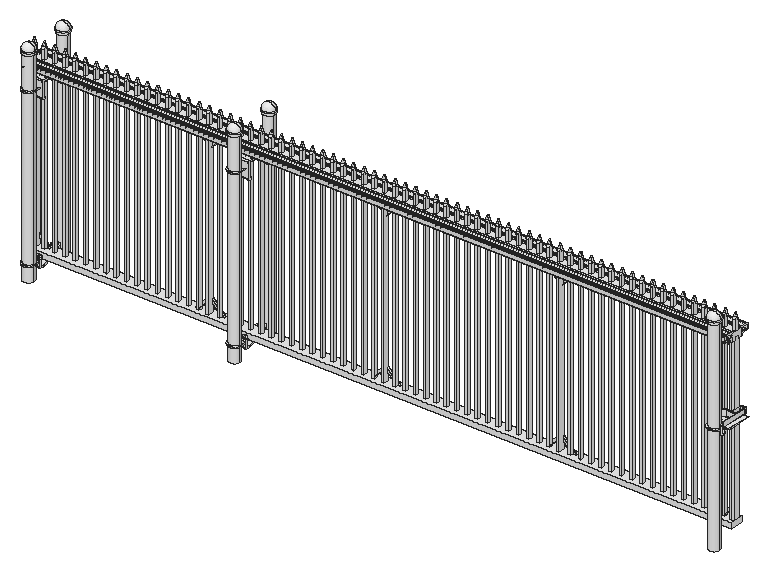
Revit family "Site-Fencing-Tymetal_Corp-Structural_Cantilever_Slide_Gate-Ornamental", category Site, Revit 2015 (continued)
Definition of nested family "Fence - Hanger with Track"
  Definition of nested family "Fence - Post Bracket"
    Automatic sketch dimensions
      Sweep 1 sketch curve to plane 3 "Center (Left/Right)" = 0' - 2 1/2"
      radius of Sweep 1 sketch curve = 0' - 0 1/4"
  Definition of nested family "Fence - Hanger Plate"
    Parameters
      Hanger Material = none
    Reference planes (in)
      plane 1 "Center (Front/Back)": y = 0
      plane 2: z = 0
      plane 3 "Center (Left/Right)": x = 0
      plane 4: y = 2
      plane 5: x = -3.3125
      plane 6: y = 3.9375
      plane 7: x = 3.3125
    Forms (in)
      Extrusion 1, solid, material <- "Hanger Material"
        sketch origin (0, 0, 0) x (0, 1, 0) y (0, 0, 1)
          loop
            arc (1.91542, 3.25406) -> (1.62242, 3.13269) -> (1.50105, 2.83969) r 0.41437
            line (1.50105, 2.83969) -> (1.50105, -2.83157)
            arc (1.50105, -2.83157) -> (1.62242, -3.12457) -> (1.91542, -3.24594) r 0.41437
            line (1.91542, -3.24594) -> (2.2293, -3.24594) -> (2.2293, -2.87094) -> (1.91542, -2.87094)
            arc (1.91542, -2.87094) -> (1.88758, -2.85941) -> (1.87605, -2.83157) r 0.03937
            line (1.87605, -2.83157) -> (1.87605, 2.83969)
            arc (1.87605, 2.83969) -> (1.88758, 2.86753) -> (1.91542, 2.87906) r 0.03937
            line (1.91542, 2.87906) -> (3.37705, 2.87906) -> (3.37705, 3.25406) -> (1.91542, 3.25406)
        from -4 to 4
      Extrusion 2, void
        sketch origin (0, 0, 0) x (1, 0, 0) y (0, 1, 0)
          loop
            line (-1.3125, 1.25105) -> (1.3125, 1.25105) -> (1.3125, 1.75)
            arc (1.3125, 1.75) -> (1.23928, 1.92678) -> (1.0625, 2) r 0.25
            line (1.0625, 2) -> (-1.0625, 2)
            arc (-1.0625, 2) -> (-1.23928, 1.92678) -> (-1.3125, 1.75) r 0.25
            line (-1.3125, 1.75) -> (-1.3125, 1.25105)
        from -3.24594 to 3.25406
      Extrusion 3, solid, material <- "Hanger Material"
        sketch origin (0, 0, 0) x (1, 0, 0) y (0, 1, 0)
          loop
            line (4, 3.37705) -> (4, 3.9375)
            arc (4, 3.9375) -> (3.79864, 4.42364) -> (3.3125, 4.625) r 0.6875
            line (3.3125, 4.625) -> (-3.3125, 4.625)
            arc (-3.3125, 4.625) -> (-3.79864, 4.42364) -> (-4, 3.9375) r 0.6875
            line (-4, 3.9375) -> (-4, 3.37705) -> (4, 3.37705)
        from 2.87906 to 3.25406
      Extrusion 4, solid, material <- "Hanger Material"
        sketch origin (0, 0, 0) x (1, 0, 0) y (0, 1, 0)
          loop
            arc (-3.5, 2.875) -> (-3.85355, 2.72855) -> (-4, 2.375) r 0.5
            line (-4, 2.375) -> (-4, 2.2293) -> (4, 2.2293) -> (4, 2.375)
            arc (4, 2.375) -> (3.85355, 2.72855) -> (3.5, 2.875) r 0.5
            line (3.5, 2.875) -> (-3.5, 2.875)
        from -3.24594 to -2.87094
      Sweep 5, solid, material <- "Hanger Material", detail levels fine
        path origin (-2.63501, 0.79388, 1.47707) x (0.464166, 0.563047, -0.683761) y (0.368983, 0.578872, 0.727158)
          loop
            line (2.15529, 0.14711) -> (2.15529, 3.82378)
        profile origin (-0.902, 3.15673, 1.44709) x (-0.464166, -0.563047, 0.683761) y (0.805234, -0.589818, 0.060938)
          loop
            circle (0, 0) r 0.25
      Sweep 6, solid, material <- "Hanger Material", detail levels fine
        path origin (2.63501, 0.79388, 1.47707) x (-0.464166, 0.563047, -0.683761) y (0.368983, -0.578872, -0.727158)
          loop
            line (2.15529, -0.14711) -> (2.15529, -3.82378)
        profile origin (0.902, 3.15673, 1.44709) x (-0.464166, 0.563047, -0.683761) y (-0.805234, -0.589818, 0.060938)
          loop
            circle (0, 0) r 0.25
    Cuts and joins
      Extrusion 2 cuts Extrusion 1
      joined: Extrusion 1, Extrusion 3, Extrusion 4
    Lines and regions (in)
      Masking region 1, detail levels coarse
        outline origin (0, 0, 0) x (1, 0, 0) y (0, 1, 0)
          loop
            line (-4, 4.625) -> (-4, 1.50105) -> (-1.3125, 1.50105) -> (-1.3125, 2) -> (1.3125, 2) -> (1.3125, 1.50105) -> (4, 1.50105) -> (4, 4.625) -> (-4, 4.625)
      Masking region 2, detail levels medium+fine
        outline origin (0, 0, 0) x (1, 0, 0) y (0, 1, 0)
          loop
            line (-4, 3.9375) -> (-4, 1.50105) -> (-1.3125, 1.50105) -> (-1.3125, 1.75)
            arc (-1.3125, 1.75) -> (-1.23928, 1.92678) -> (-1.0625, 2) r 0.25
            line (-1.0625, 2) -> (1.0625, 2)
            arc (1.0625, 2) -> (1.23928, 1.92678) -> (1.3125, 1.75) r 0.25
            line (1.3125, 1.75) -> (1.3125, 1.50105) -> (4, 1.50105) -> (4, 3.9375)
            arc (4, 3.9375) -> (3.79864, 4.42364) -> (3.3125, 4.625) r 0.6875
            line (3.3125, 4.625) -> (-3.3125, 4.625)
            arc (-3.3125, 4.625) -> (-3.79864, 4.42364) -> (-4, 3.9375) r 0.6875
    Dimensions and locks (in)
      locked: cut or joined group of Extrusion 1, Extrusion 2, Extrusion 3, Extrusion 4 to cut or joined group of Extrusion 1, Extrusion 2, Extrusion 3, Extrusion 4 at 8
      aligned and locked: cut or joined group of Extrusion 1, Extrusion 2, Extrusion 3, Extrusion 4 to cut or joined group of Extrusion 1, Extrusion 2, Extrusion 3, Extrusion 4  (x2)
      aligned and locked: Masking region 2 to cut or joined group of Extrusion 1, Extrusion 2, Extrusion 3, Extrusion 4
  Definition of nested family "Fence - Track Roller"
    Parameters
      Track Roller Material = none
      Track Height = 0' - 4"
    Reference planes (in)
      plane 1 "Center (Front/Back)": y = 0
      plane 2: z = 0
      plane 3 "Center (Left/Right)": x = 0
      plane 4: x = -4.42187
      plane 5: x = 4.42188
      plane 6: z = 2.5
      plane 7: y = 0.40625
      plane 8: y = -0.40625
      plane 9: z = 4
      plane 10: z = 2.375
      plane 11: y = 1.09674
      plane 12: y = -1.09674
      plane 13: y = 0.59674
      plane 14: y = -0.59674
      plane 15: z = 3.1875
      plane 16: x = -1.4375
      plane 17: x = 1.42187
      plane 18: z = -0.75
      plane 19: z = -0.1875
      plane 20: z = 0.1875
    Forms (in)
      Extrusion 1, solid, material <- "Track Roller Material"
        sketch origin (0, 0, 0) x (1, 0, 0) y (0, 0, 1)
          loop
            line (-3.73437, 2.5) -> (3.73438, 2.5) -> (3.73438, 2.75) -> (-3.73437, 2.75) -> (-3.73437, 2.5)
        from -0.40625 to 0.40625
      Extrusion 2, solid, material <- "Track Roller Material"
        sketch origin (0, 0, 0) x (1, 0, 0) y (0, 0, 1)
          loop
            line (-2.04089, 3.25) -> (-2.04089, 2.75) -> (2.04089, 2.75) -> (2.04089, 3.25) -> (-2.04089, 3.25)
        from -0.5 to 0.5
      Revolve 3, solid, material <- "Track Roller Material"
        sketch origin (0, 0, 0) x (1, 0, 0) y (0, 0, 1)
          loop
            line (-4.42188, 2.8125) -> (-3.26263, 2.8125) -> (-3.26263, 3.625) -> (-3.51263, 3.625) -> (-3.51263, 3.375) -> (-3.63763, 3.375) -> (-3.63763, 3.3125) -> (-4.42188, 3.3125) -> (-4.42188, 2.8125)
          axis (-3.26263, 3.625) -> (-3.26263, 2.8125)
        angle from 0 to 360
      Revolve 4, solid, material <- "Track Roller Material"
        sketch origin (0, 0, 0) x (-1, 0, 0) y (0, 0, 1)
          loop
            line (-4.42188, 2.8125) -> (-3.26263, 2.8125) -> (-3.26263, 3.625) -> (-3.51263, 3.625) -> (-3.51263, 3.375) -> (-3.63763, 3.375) -> (-3.63763, 3.3125) -> (-4.42188, 3.3125) -> (-4.42188, 2.8125)
          axis (-3.26263, 3.625) -> (-3.26263, 2.8125)
        angle from 0 to 360
      Revolve 5, solid, material <- "Track Roller Material"
        sketch origin (-1.4375, -180, 11.2214) x (0, 0, 1) y (0, -1, 0)
          loop
            line (-7.2214, -181.09674) -> (-7.2214, -180.59674) -> (-8.0339, -180.59674) -> (-8.0339, -181.09674) -> (-7.2214, -181.09674)
          axis (-8.0339, -181.09674) -> (-8.0339, -180.59674)
        angle from 0 to 360
      Revolve 6, solid, material <- "Track Roller Material"
        sketch origin (-1.4375, -180, 11.2214) x (0, 0, 1) y (0, -1, 0)
          loop
            line (-7.2214, -179.40326) -> (-7.2214, -178.90326) -> (-8.0339, -178.90326) -> (-8.0339, -179.40326) -> (-7.2214, -179.40326)
          axis (-8.0339, -179.40326) -> (-8.0339, -178.90326)
        angle from 0 to 360
      Revolve 7, solid, material <- "Track Roller Material"
        sketch origin (1.42187, -180, 11.2214) x (0, 0, 1) y (0, -1, 0)
          loop
            line (-7.2214, -181.09674) -> (-7.2214, -180.59674) -> (-8.0339, -180.59674) -> (-8.0339, -181.09674) -> (-7.2214, -181.09674)
          axis (-8.0339, -181.09674) -> (-8.0339, -180.59674)
        angle from 0 to 360
      Revolve 8, solid, material <- "Track Roller Material"
        sketch origin (1.42187, -180, 11.2214) x (0, 0, 1) y (0, -1, 0)
          loop
            line (-7.2214, -179.40326) -> (-7.2214, -178.90326) -> (-8.0339, -178.90326) -> (-8.0339, -179.40326) -> (-7.2214, -179.40326)
          axis (-8.0339, -179.40326) -> (-8.0339, -178.90326)
        angle from 0 to 360
      Extrusion 9, solid, material <- "Track Roller Material"
        sketch origin (0, 0, 0) x (1, 0, 0) y (0, 1, 0)
          loop
            circle (0, 0) r 0.375
        from -0.75 to 2.5
      Extrusion 10, solid, material <- "Track Roller Material"
        sketch origin (0, 0, 0) x (1, 0, 0) y (0, 1, 0)
          loop
            line (-0.625, 0.84674) -> (-0.625, 0.5) -> (0.625, 0.5) -> (0.625, 0.84674) -> (-0.625, 0.84674)
          loop
            line (-0.625, -0.84674) -> (0.625, -0.84674) -> (0.625, -0.5) -> (-0.625, -0.5) -> (-0.625, -0.84674)
        from 2.5 to 3.25
    Dimensions and locks (in)
      equal spacing: plane 4, plane 3 "Center (Left/Right)", plane 5
      locked: plane 4 to plane 5 at 8.84375
      "Track Height": plane 9 to level
      locked: Extrusion 1 sketch curve to plane 4 at 0.6875
      locked: plane 5 to Extrusion 1 sketch curve at 0.6875
      equal spacing: plane 7, plane 1 "Center (Front/Back)", plane 8
      locked: plane 7 to plane 8 at 0.8125
      locked: Extrusion 2 sketch curve to plane 4 at 2.38099
      locked: Extrusion 2 sketch curve to plane 6 at 0.75
      locked: Extrusion 1 sketch curve to plane 6 at 0.25
      Extrusion 2 to plane 1 "Center (Front/Back)" to Extrusion 2 = 0' - 0 1/2" locked, 0' - 0 1/2" locked
      locked: Revolve 3 sketch curve to plane 4 at 1.15924
      Revolve 3 sketch curve to Revolve 3 sketch curve to Revolve 3 sketch curve to Revolve 3 sketch curve to plane 6 = 0' - 0 1/4" locked, 0' - 0 1/16" locked, 0' - 0 1/2" locked, 0' - 0 5/16" locked
      locked: plane 5 to Extrusion 2 sketch curve at 2.38099
      Revolve 4 sketch curve to Revolve 4 sketch curve to Revolve 4 sketch curve to Revolve 4 sketch curve to plane 6 = 0' - 0 1/4" locked, 0' - 0 1/16" locked, 0' - 0 1/2" locked, 0' - 0 5/16" locked
      locked: plane 5 to Revolve 4 sketch curve at 1.15924
      locked: plane 16 to plane 4 at 2.98438
      locked: plane 17 to plane 5 at 3
      locked: plane 18 to plane 2 at 0.75
      plane 20 to level to plane 19 = 0' - 0 3/16" locked, 0' - 0 3/16" locked
      equal spacing: Extrusion 10 sketch curve, plane 3 "Center (Left/Right)", Extrusion 10 sketch curve  (x2)
      locked: Extrusion 10 sketch curve to Extrusion 10 sketch curve at 1.25  (x2)
      equal spacing: plane 13, Extrusion 10 sketch curve, plane 11
      locked: Extrusion 10 sketch curve to Extrusion 10 sketch curve at 0.34674  (x2)
      equal spacing: plane 9, plane 15, plane 10
      locked: plane 9 to plane 10 at 1.625
      locked: plane 6 to plane 10 at 0.125
      aligned and locked: Extrusion 1 sketch curve to plane 6
      aligned and locked: plane 7 to Extrusion 1
      aligned and locked: Extrusion 1 to plane 8
      aligned and locked: Extrusion 2 sketch curve to Extrusion 1
      aligned and locked: Revolve 5 sketch curve to plane 15
      aligned and locked: plane 11 to Revolve 5 sketch curve
      aligned and locked: plane 13 to Revolve 5 sketch curve
      aligned and locked: plane 9 to Revolve 5 sketch curve
      aligned and locked: plane 15 to Revolve 5 sketch curve
      aligned and locked: plane 14 to Revolve 6 sketch curve
      aligned and locked: plane 9 to Revolve 6 sketch curve
      aligned and locked: plane 12 to Revolve 6 sketch curve
      aligned and locked: plane 15 to Revolve 6 sketch curve
      aligned and locked: Revolve 6 sketch curve to plane 15
      aligned and locked: plane 6 to Extrusion 9
      aligned and locked: Extrusion 9 to plane 18
      aligned and locked: Extrusion 10 to plane 6
      aligned and locked: Extrusion 2 to Extrusion 10
    Automatic sketch dimensions
      Revolve 3 sketch curve to plane 4 = 0' - 0"
      plane 4 to Revolve 3 sketch curve = 0' - 0.78424"
      Revolve 3 sketch curve to Revolve 3 sketch curve = 0' - 0 1/8"
      Revolve 3 sketch curve to Revolve 3 sketch curve = 0' - 0 1/4"
      Revolve 3 sketch curve to plane 10 = 0' - 1.57152"
      plane 9 to Revolve 3 sketch curve = 0' - 1.16026"
      Revolve 4 sketch curve to plane 5 = 0' - 0"
      plane 5 to Revolve 4 sketch curve = 0' - 0.78424"
      Revolve 4 sketch curve to Revolve 4 sketch curve = 0' - 0 1/8"
      Revolve 4 sketch curve to Revolve 4 sketch curve = 0' - 0 1/4"
      plane 10 to Revolve 4 sketch curve = 0' - 1.57152"
      Revolve 4 sketch curve to plane 9 = 0' - 1.16026"
      Revolve 5 sketch curve to plane 11 = 0' - 2.87236"
      Revolve 5 sketch curve to plane 12 = 0' - 2.2029"
      Revolve 6 sketch curve to plane 11 = 0' - 2.87236"
      Revolve 6 sketch curve to Revolve 6 sketch curve = 0' - 2.2029"
      Revolve 7 sketch curve to plane 15 = 0' - 0"  (x2)
      Revolve 7 sketch curve to plane 11 = 0' - 0"
      Revolve 7 sketch curve to plane 9 = 0' - 0"
      Revolve 7 sketch curve to plane 13 = 0' - 0"
      plane 11 to Revolve 7 sketch curve = 0' - 2.87236"
      plane 12 to Revolve 7 sketch curve = 0' - 2.2029"
      Revolve 8 sketch curve to plane 12 = 0' - 0"
      Revolve 8 sketch curve to plane 15 = 0' - 0"  (x2)
      Revolve 8 sketch curve to plane 9 = 0' - 0"
      Revolve 8 sketch curve to plane 14 = 0' - 0"
      plane 11 to Revolve 8 sketch curve = 0' - 2.87236"
      Revolve 8 sketch curve to Revolve 8 sketch curve = 0' - 2.2029"
      plane 1 "Center (Front/Back)" to Extrusion 9 sketch curve = 0' - 0"
      Extrusion 9 sketch curve to plane 3 "Center (Left/Right)" = 0' - 0"
      Extrusion 10 sketch curve to plane 8 = 0' - 0 3/32"
      radius of Extrusion 9 sketch curve = 0' - 0 3/8"
Definition of nested family "Fence - Catch Assembly"
  Parameters
    Post Attachment Extension = 0' - 2"
    Gate Open Distance = 0' - 0"
    Catch Location = 0' - 0 3/4"
    Catch Assembly Location from Post = 0' - 2 3/8"
    Catch Assembly Finish = none
  Reference planes (in)
    plane 1 "Center (Front/Back)": y = 0
    plane 2: z = 0
    plane 3 "Center (Left/Right)": x = 0
    plane 4: through (1.76777, 1.76777, 48) normal (0.7071, -0.7071, 0)
  Dimensions and locks (in)
    "Catch Assembly Location from Post": nested 1 to plane 4
    locked: nested 3 to level at 1.375
    "Catch Location": nested 5 to nested 4
    "Gate Open Distance": nested 3 to nested 4
    locked: plane 3 "Center (Left/Right)" to nested 2 (angle 45.00°)
    locked: nested 2 to plane 1 "Center (Front/Back)" (angle 45.00°)
    aligned and locked: level to nested 2
    aligned and locked: nested 3 to nested 4
    aligned and locked: nested 5 to nested 1  (x2)
    aligned and locked: nested 4 to nested 3
  Nested families (in)
    nested 1: "Fence - Catch Plate" at (0, 0, 0), type "Fence - Assembly"
      with Post Radius 0' - 2 3/8"
    nested 2: "Fence - Post Bracket" at (0, 0, 0) x (-0.7071, -0.7071, 0) z (0, 0, 1), type "Fence - Post Bracket"
      with Extension Length 0' - 2"
    nested 3: "Fence - Assembly Latch" at (0.08073, -7.15212, 0), type "Fence - Assembly Latch"
    nested 4: "Fence - Catch" at (0.08073, -7.15212, 1.375), type "Fence - Catch"
    nested 5: "Fence - L Bracket" at (5.15273, -3.77712, 1.375), type "Fence - L Bracket"
  Definition of nested family "Fence - Catch Plate"
    Parameters
      Post Radius = 0' - 2"
      Catch Assembly Finish = none
    Reference planes (in)
      plane 1 "Center (Front/Back)": y = 0
      plane 2: z = 0
      plane 3 "Center (Left/Right)": x = 0
      plane 4: z = 1.375
      plane 5: z = -1.375
      plane 6: through (0.83969, -2.51907, 48) normal (0.7071, -0.7071, 0)
      plane 7: x = 2
      plane 8: y = 0.05806
      plane 9: y = -4.39262
      plane 10: y = -2.16728
      plane 11: y = -0.91728
      plane 12: y = -3.41728
      plane 13: x = 4.15273
    Forms (in)
      Extrusion 1, solid, material <- "Catch Assembly Finish", detail levels medium+fine
        sketch origin (0, 0, 0) x (1, 0, 0) y (0, 1, 0)
          loop
            line (0.35709, -4.39262) -> (5.66039, -4.39262) -> (6.16039, -3.89262) -> (6.16039, -0.44194) -> (5.66039, 0.05806) -> (4.39169, 0.05806)
            arc (4.39169, 0.05806) -> (4.20035, 0.09612) -> (4.03814, 0.2045) r 0.5
            line (4.03814, 0.2045) -> (3.8007, 0.44194) -> (2.51907, -0.83969) -> (2.34229, -0.66291)
            arc (2.34229, -0.66291) -> (2.41551, -0.83969) -> (2.34229, -1.01647) r 0.25
            line (2.34229, -1.01647) -> (1.01647, -2.34229)
            arc (1.01647, -2.34229) -> (0.83969, -2.41551) -> (0.66291, -2.34229) r 0.25
            line (0.66291, -2.34229) -> (0.83969, -2.51907) -> (-0.44194, -3.8007) -> (0.00354, -4.24618)
            arc (0.00354, -4.24618) -> (0.16575, -4.35456) -> (0.35709, -4.39262) r 0.5
        from 1.125 to 1.375
      Extrusion 2, solid, material <- "Catch Assembly Finish", detail levels medium+fine
        sketch origin (-1.76777, 1.76777, 0) x (0.707107, -0.707107, 0) y (0, 0, 1)
          loop
            line (4.125, 1) -> (4.125, -1)
            arc (4.125, -1) -> (4.23483, -1.26517) -> (4.5, -1.375) r 0.375
            line (4.5, -1.375) -> (4.87304, -1.375) -> (4.87304, -1.125) -> (4.5, -1.125)
            arc (4.5, -1.125) -> (4.41161, -1.08839) -> (4.375, -1) r 0.125
            line (4.375, -1) -> (4.375, 1)
            arc (4.375, 1) -> (4.41161, 1.08839) -> (4.5, 1.125) r 0.125
            line (4.5, 1.125) -> (4.875, 1.125) -> (4.875, 1.375) -> (4.5, 1.375)
            arc (4.5, 1.375) -> (4.23483, 1.26517) -> (4.125, 1) r 0.375
        from 1.1875 to 3
      Extrusion 3, solid, material <- "Catch Assembly Finish", detail levels medium+fine
        sketch origin (-1.76777, 1.76777, 0) x (0.707107, -0.707107, 0) y (0, 0, -1)
          loop
            arc (4.125, -1) -> (4.23483, -1.26517) -> (4.5, -1.375) r 0.375
            line (4.5, -1.375) -> (4.875, -1.375) -> (4.875, -1.125) -> (4.5, -1.125)
            arc (4.5, -1.125) -> (4.41161, -1.08839) -> (4.375, -1) r 0.125
            line (4.375, -1) -> (4.375, 1)
            arc (4.375, 1) -> (4.41161, 1.08839) -> (4.5, 1.125) r 0.125
            line (4.5, 1.125) -> (4.8803, 1.125) -> (4.8803, 1.375) -> (4.5, 1.375)
            arc (4.5, 1.375) -> (4.23483, 1.26517) -> (4.125, 1) r 0.375
            line (4.125, 1) -> (4.125, -1)
        from 1.1875 to 3
      Extrusion 4, solid, material <- "Catch Assembly Finish", detail levels medium+fine
        sketch origin (0, 0, 0) x (1, 0, 0) y (0, 1, 0)
          loop
            line (-0.2192, -4.02344) -> (0.22627, -4.02344) -> (4.02344, -0.22627) -> (4.02344, 0.2192) -> (3.8007, 0.44194) -> (2.51907, -0.83969) -> (2.34229, -0.66291)
            arc (2.34229, -0.66291) -> (2.41551, -0.83969) -> (2.34229, -1.01647) r 0.25
            line (2.34229, -1.01647) -> (1.01647, -2.34229)
            arc (1.01647, -2.34229) -> (0.83969, -2.41551) -> (0.66291, -2.34229) r 0.25
            line (0.66291, -2.34229) -> (0.83969, -2.51907) -> (-0.44194, -3.8007) -> (-0.2192, -4.02344)
        from -1.375 to -1.125
    Cuts and joins
      joined: Extrusion 1, Extrusion 2, Extrusion 3, Extrusion 4
    Lines and regions (in)
      Masking region 1, detail levels coarse
        outline origin (0, 0, 0) x (1, 0, 0) y (0, 1, 0)
          loop
            line (3.27037, 0.97227) -> (-0.97227, -3.27037) -> (0.14998, -4.39262) -> (6.16039, -4.39262) -> (6.16039, 0.05806) -> (4.18458, 0.05806) -> (3.27037, 0.97227)
      Masking region 2, detail levels medium+fine
        outline origin (0, 0, 0) x (1, 0, 0) y (0, 1, 0)
          loop
            line (0.35709, -4.39262) -> (5.66039, -4.39262) -> (6.16039, -3.89262) -> (6.16039, -0.44194) -> (5.66039, 0.05806) -> (4.39169, 0.05806)
            arc (4.39169, 0.05806) -> (4.20035, 0.09612) -> (4.03814, 0.2045) r 0.5
            line (4.03814, 0.2045) -> (3.27037, 0.97227) -> (1.98874, -0.30936) -> (2.34251, -0.66313)
            arc (2.34251, -0.66313) -> (2.41551, -0.83984) -> (2.34229, -1.01647) r 0.25
            line (2.34229, -1.01647) -> (1.01647, -2.34229)
            arc (1.01647, -2.34229) -> (0.83984, -2.41551) -> (0.66313, -2.34251) r 0.25
            line (0.66313, -2.34251) -> (0.30936, -1.98874) -> (-0.97227, -3.27037) -> (0.00354, -4.24618)
            arc (0.00354, -4.24618) -> (0.16575, -4.35456) -> (0.35709, -4.39262) r 0.5
    Dimensions and locks (in)
      equal spacing: plane 4, level, plane 5
      locked: plane 4 to plane 5 at 2.75
      "Post Radius": plane 3 "Center (Left/Right)" to plane 7
      equal spacing: plane 8, plane 10, plane 9
      aligned and locked: Extrusion 2 to Extrusion 1
      aligned and locked: Extrusion 4 to plane 5
      aligned and locked: Extrusion 4 to cut or joined group of Extrusion 1, Extrusion 2, Extrusion 3, Extrusion 4
    Automatic sketch dimensions
      plane 3 "Center (Left/Right)" to Extrusion 1 sketch curve = 0' - 0.35709"
      plane 3 "Center (Left/Right)" to Extrusion 1 sketch curve = 0' - 0.83969"
      Extrusion 1 sketch curve to Extrusion 1 sketch curve = 0' - 0"  (x10)
      plane 1 "Center (Front/Back)" to Extrusion 1 sketch curve = 0' - 0.83969"  (x2)
      Extrusion 1 sketch curve to Extrusion 1 sketch curve = 0' - 1.32583"
      plane 1 "Center (Front/Back)" to Extrusion 1 sketch curve = 0' - 1.01647"
      Extrusion 1 sketch curve to plane 1 "Center (Front/Back)" = 0' - 0.05806"
      Extrusion 1 sketch curve to Extrusion 1 sketch curve = 0' - 0.09192"
      plane 1 "Center (Front/Back)" to Extrusion 1 sketch curve = 0' - 3.89262"
      Extrusion 1 sketch curve to Extrusion 1 sketch curve = 0' - 0 1/2"  (x4)
      Extrusion 1 sketch curve to Extrusion 1 sketch curve = 0' - 0.35355"  (x2)
      plane 1 "Center (Front/Back)" to Extrusion 1 sketch curve = 0' - 0.44194"
      plane 3 "Center (Left/Right)" to Extrusion 1 sketch curve = 0' - 0.00354"
      Extrusion 1 sketch curve to Extrusion 1 sketch curve = 0' - 0.17678"  (x5)
      plane 1 "Center (Front/Back)" to Extrusion 1 sketch curve = 0' - 0.66291"
      Extrusion 2 sketch curve to Extrusion 2 sketch curve = 0' - 0"  (x8)
      Extrusion 2 sketch curve to plane 5 = 0' - 0"
      Extrusion 2 sketch curve to plane 4 = 0' - 0"
      Extrusion 2 sketch curve to Extrusion 2 sketch curve = 0' - 0.37304"
      Extrusion 3 sketch curve to Extrusion 3 sketch curve = 0' - 0"  (x8)
      plane 5 to Extrusion 3 sketch curve = 0' - 0"
      plane 4 to Extrusion 3 sketch curve = 0' - 0"
      plane 3 "Center (Left/Right)" to Extrusion 4 sketch curve = 0' - 0.22627"
      plane 3 "Center (Left/Right)" to Extrusion 4 sketch curve = 0' - 0.83969"
      Extrusion 4 sketch curve to Extrusion 4 sketch curve = 0' - 0"  (x7)
      plane 1 "Center (Front/Back)" to Extrusion 4 sketch curve = 0' - 0.83969"  (x2)
      Extrusion 4 sketch curve to Extrusion 4 sketch curve = 0' - 1.32583"  (x2)
      Extrusion 4 sketch curve to Extrusion 4 sketch curve = 0' - 0.35355"  (x2)
      Extrusion 4 sketch curve to plane 3 "Center (Left/Right)" = 0' - 0.2192"
      Extrusion 4 sketch curve to Extrusion 4 sketch curve = 0' - 0.17678"  (x4)
      plane 1 "Center (Front/Back)" to Extrusion 4 sketch curve = 0' - 0.66291"
      plane 1 "Center (Front/Back)" to Extrusion 4 sketch curve = 0' - 1.01647"
      Extrusion 4 sketch curve to plane 1 "Center (Front/Back)" = 0' - 0.2192"
      plane 1 "Center (Front/Back)" to Extrusion 4 sketch curve = 0' - 0.22627"
      plane 3 "Center (Left/Right)" to Masking region 1 sketch curve = 0' - 0.14998"
      Masking region 1 sketch curve to plane 1 "Center (Front/Back)" = 0' - 0.97227"
      plane 3 "Center (Left/Right)" to Masking region 2 sketch curve = 0' - 0.30936"
      plane 3 "Center (Left/Right)" to Masking region 2 sketch curve = 0' - 0.35709"  (x2)
      Masking region 2 sketch curve to Masking region 2 sketch curve = 0' - 0.35377"
      Masking region 2 sketch curve to Masking region 2 sketch curve = 0' - 0.17656"  (x2)
      plane 1 "Center (Front/Back)" to Masking region 2 sketch curve = 0' - 0.30936"
      Masking region 2 sketch curve to Masking region 2 sketch curve = 0' - 0.17678"  (x4)
      plane 1 "Center (Front/Back)" to Masking region 2 sketch curve = 0' - 0.66313"
      Masking region 2 sketch curve to Masking region 2 sketch curve = 0' - 0.62225"
      Masking region 2 sketch curve to Masking region 2 sketch curve = 0' - 0.177"  (x2)
      plane 3 "Center (Left/Right)" to Masking region 2 sketch curve = 0' - 0.00354"
      Masking region 2 sketch curve to Masking region 2 sketch curve = 0' - 0"  (x7)
      plane 1 "Center (Front/Back)" to Masking region 2 sketch curve = 0' - 1.01647"
      Extrusion 1 sketch curve to plane 3 "Center (Left/Right)" = 0' - 0.44194"
      Extrusion 1 sketch curve to plane 1 "Center (Front/Back)" = 0' - 0.2045"
      plane 5 to Extrusion 2 sketch curve = 0' - 0 3/8"
      Extrusion 2 sketch curve to Extrusion 2 sketch curve = 0' - 0 1/8"  (x2)
      Extrusion 2 sketch curve to Extrusion 2 sketch curve = 0' - 0 3/8"
      plane 5 to Extrusion 3 sketch curve = 0' - 0 3/8"
      Extrusion 3 sketch curve to Extrusion 3 sketch curve = 0' - 0 1/8"  (x2)
      Extrusion 3 sketch curve to Extrusion 3 sketch curve = 0' - 0 3/8"
      Extrusion 3 sketch curve to Extrusion 3 sketch curve = 0' - 0.3803"
      Extrusion 4 sketch curve to Extrusion 4 sketch curve = 0' - 0.22274"  (x2)
      Masking region 2 sketch curve to Masking region 2 sketch curve = 0' - 1.28163"
      Extrusion 1 sketch curve to Extrusion 1 sketch curve = 0' - 1.37356"
      Extrusion 4 sketch curve to Extrusion 4 sketch curve = 0' - 1.28163"
      plane 1 "Center (Front/Back)" to Masking region 2 sketch curve = 0' - 1.98874"
      Extrusion 1 sketch curve to Extrusion 1 sketch curve = 0' - 1.2687"
      Extrusion 1 sketch curve to plane 1 "Center (Front/Back)" = 0' - 0.44194"
      Extrusion 1 sketch curve to Extrusion 1 sketch curve = 0' - 1.28163"
      Extrusion 4 sketch curve to plane 1 "Center (Front/Back)" = 0' - 0.44194"
      plane 3 "Center (Left/Right)" to Masking region 2 sketch curve = 0' - 1.98874"
      Masking region 2 sketch curve to plane 1 "Center (Front/Back)" = 0' - 0.2045"
      Masking region 2 sketch curve to plane 3 "Center (Left/Right)" = 0' - 0.97227"
      Masking region 1 sketch curve to plane 3 "Center (Left/Right)" = 0' - 0.97227"
      Masking region 2 sketch curve to Masking region 2 sketch curve = 0' - 0.35355"
      Masking region 2 sketch curve to Masking region 2 sketch curve = 0' - 0 1/2"  (x3)
      plane 1 "Center (Front/Back)" to Masking region 2 sketch curve = 0' - 0.44194"
      Masking region 2 sketch curve to plane 1 "Center (Front/Back)" = 0' - 0.05806"
      Masking region 1 sketch curve to plane 1 "Center (Front/Back)" = 0' - 0.05806"
      Masking region 1 sketch curve to Masking region 1 sketch curve = 0' - 1.97581"
      plane 9 to Masking region 1 sketch curve = 0' - 0"
      plane 13 to Masking region 1 sketch curve = 0' - 0.88236"
      Masking region 2 sketch curve to Masking region 2 sketch curve = 0' - 1.2687"
  Definition of nested family "Fence - Post Bracket"
    Parameters
      Extension Length = 0' - 3"
      Bottom Guide Material = none
    Reference planes (in)
      plane 1 "Center (Front/Back)": y = 0
      plane 2: z = 0
      plane 3 "Center (Left/Right)": x = 0
    Forms (in)
      Sweep 1, solid, material <- "Bottom Guide Material", detail levels medium+fine
        path origin (0, 0, 0) x (1, 0, 0) y (0, 1, 0)
          loop
            line (-2.5, 3) -> (-2.5, 0)
            arc (-2.5, 0) -> (0, -2.5) -> (2.5, 0) r 2.5
            line (2.5, 0) -> (2.5, 3)
        profile origin (0, -2.5, 0) x (0, 1, 0) y (0, 0, 1)
          loop
            circle (0.25, 0) r 0.25
    Lines and regions (in)
      Masking region 1, detail levels medium+fine
        outline origin (0, 0, 0) x (1, 0, 0) y (0, 1, 0)
          loop
            line (-2.5, 3) -> (-2.5, 0)
            arc (-2.5, 0) -> (0, -2.5) -> (2.5, 0) r 2.5
            line (2.5, 0) -> (2.5, 3) -> (2, 3) -> (2, 0)
            arc (2, 0) -> (0, -2) -> (-2, 0) r 2
            line (-2, 0) -> (-2, 3) -> (-2.5, 3)
    Dimensions and locks (in)
      "Extension Length": plane 1 "Center (Front/Back)" to Sweep 1 sketch curve  (x2)
      locked: Masking region 1 sketch curve to Masking region 1 sketch curve at 0.5  (x2)
      aligned and locked: Masking region 1 sketch curve to Sweep 1  (x2)
    Automatic sketch dimensions
      Sweep 1 sketch curve to level = 0' - 0"
      Sweep 1 sketch curve to profile plane = 0' - 0 1/4"
      Masking region 1 sketch curve to Masking region 1 sketch curve = 0' - 0"
      plane 1 "Center (Front/Back)" to Masking region 1 sketch curve = 0' - 0"
      Masking region 1 sketch curve to plane 3 "Center (Left/Right)" = 0' - 0"
      Masking region 1 sketch curve to plane 3 "Center (Left/Right)" = 0' - 2"
      plane 1 "Center (Front/Back)" to Sweep 1 sketch curve = 0' - 0"
      Sweep 1 sketch curve to plane 3 "Center (Left/Right)" = 0' - 0"
      Sweep 1 sketch curve to plane 3 "Center (Left/Right)" = 0' - 2 1/2"
      radius of Sweep 1 sketch curve = 0' - 0 1/4"
  Definition of nested family "Fence - Assembly Latch"
    Parameters
      Post Radius = 0' - 2"
      Catch Assembly Finish = none
    Reference planes (in)
      plane 1 "Center (Front/Back)": y = 0
      plane 2: z = 0
      plane 3 "Center (Left/Right)": x = 0
      plane 4: z = 1.375
      plane 5: z = -1.375
      plane 6: y = 1.68749
      plane 7: y = -1.68749
      plane 8: x = 2.01605
    Forms (in)
      Extrusion 1, solid, material <- "Catch Assembly Finish", detail levels medium+fine
        sketch origin (0, 7.24613, 0) x (1, 0, 0) y (0, 1, 0)
          loop
            line (-2.14946, -3.49665) -> (-0.16054, -5.48551)
            arc (-0.16054, -5.48551) -> (-0.07946, -5.53963) -> (0.01615, -5.55863) r 0.25003
            line (0.01615, -5.55863) -> (2.01605, -5.55863) -> (2.01605, -8.93362) -> (-0.00593, -8.93362)
            arc (-0.00593, -8.93362) -> (-0.10155, -8.95262) -> (-0.18263, -9.00676) r 0.25
            line (-0.18263, -9.00676) -> (-2.17145, -10.99558) -> (-1.99467, -11.17235) -> (-0.00593, -9.18362) -> (2.01607, -9.18362)
            arc (2.01607, -9.18362) -> (2.19285, -9.1104) -> (2.26608, -8.93361) r 0.25001
            line (2.26608, -8.93361) -> (2.26608, -5.5586)
            arc (2.26608, -5.5586) -> (2.19286, -5.38185) -> (2.0161, -5.30863) r 0.24997
            line (2.0161, -5.30863) -> (0.01605, -5.30863) -> (-1.97269, -3.31988) -> (-2.14946, -3.49665)
        from 1.375 to 3.37491
    Lines and regions (in)
      Masking region 1, detail levels coarse
        outline origin (0, 7.24613, 0) x (1, 0, 0) y (0, 1, 0)
          loop
            line (-2.14946, -3.49665) -> (-0.08748, -5.55863) -> (2.01605, -5.55863) -> (2.01605, -8.93362) -> (-0.10949, -8.93362) -> (-2.17145, -10.99558) -> (-1.99467, -11.17235) -> (-0.00594, -9.18362) -> (2.26608, -9.18362) -> (2.26608, -5.30863) -> (0.01612, -5.30863) -> (-1.97266, -3.31985) -> (-2.14946, -3.49665)
      Masking region 2, detail levels medium+fine
        outline origin (0, 7.24613, 0) x (1, 0, 0) y (0, 1, 0)
          loop
            line (-2.14943, -3.49662) -> (-0.16065, -5.4854)
            arc (-0.16065, -5.4854) -> (-0.07953, -5.5396) -> (0.01615, -5.55863) r 0.25003
            line (0.01615, -5.55863) -> (2.01605, -5.55863) -> (2.01605, -8.93362) -> (-0.00593, -8.93362)
            arc (-0.00593, -8.93362) -> (-0.1016, -8.95265) -> (-0.18271, -9.00684) r 0.25
            line (-0.18271, -9.00684) -> (-2.17145, -10.99558) -> (-1.99467, -11.17236) -> (-0.00593, -9.18362) -> (2.01607, -9.18362)
            arc (2.01607, -9.18362) -> (2.19285, -9.1104) -> (2.26608, -8.93361) r 0.25001
            line (2.26608, -8.93361) -> (2.26608, -5.5586)
            arc (2.26608, -5.5586) -> (2.19286, -5.38185) -> (2.0161, -5.30863) r 0.24997
            line (2.0161, -5.30863) -> (0.01605, -5.30863) -> (-1.97269, -3.31989) -> (-2.14943, -3.49662)
    Dimensions and locks (in)
      equal spacing: plane 4, level, plane 5
      locked: plane 4 to plane 5 at 2.75
    Automatic sketch dimensions
      Extrusion 1 sketch curve to plane 3 "Center (Left/Right)" = 0' - 2.17145"
      Extrusion 1 sketch curve to plane 3 "Center (Left/Right)" = 0' - 2.14946"
      Extrusion 1 sketch curve to Extrusion 1 sketch curve = 0' - 0.17678"  (x4)
      Extrusion 1 sketch curve to plane 3 "Center (Left/Right)" = 0' - 0.18263"
      Extrusion 1 sketch curve to plane 3 "Center (Left/Right)" = 0' - 0.16054"
      Extrusion 1 sketch curve to plane 3 "Center (Left/Right)" = 0' - 0.00593"  (x2)
      Extrusion 1 sketch curve to Extrusion 1 sketch curve = 0' - 0"  (x4)
      plane 3 "Center (Left/Right)" to Extrusion 1 sketch curve = 0' - 0.01605"
      plane 3 "Center (Left/Right)" to Extrusion 1 sketch curve = 0' - 0.01615"
      plane 3 "Center (Left/Right)" to Extrusion 1 sketch curve = 0' - 2.01605"
      Extrusion 1 sketch curve to Extrusion 1 sketch curve = 0' - 0.00005"
      Extrusion 1 sketch curve to Extrusion 1 sketch curve = 0' - 0 1/4"
      Extrusion 1 sketch curve to Extrusion 1 sketch curve = 0' - 1.98873"
      Extrusion 1 sketch curve to Extrusion 1 sketch curve = 0' - 0.17686"
      Extrusion 1 sketch curve to Extrusion 1 sketch curve = 0' - 3.37498"
      Extrusion 1 sketch curve to Extrusion 1 sketch curve = 0' - 0.00003"  (x2)
      Extrusion 1 sketch curve to Extrusion 1 sketch curve = 0' - 0.07312"
      Extrusion 1 sketch curve to Extrusion 1 sketch curve = 0' - 1.98886"
      Masking region 1 sketch curve to Masking region 1 sketch curve = 0' - 0.25002"
      plane 3 "Center (Left/Right)" to Masking region 1 sketch curve = 0' - 0.01612"
      Masking region 1 sketch curve to plane 3 "Center (Left/Right)" = 0' - 0.00594"
      Masking region 1 sketch curve to plane 3 "Center (Left/Right)" = 0' - 0.08748"
      Masking region 1 sketch curve to plane 3 "Center (Left/Right)" = 0' - 0.10949"
      Masking region 1 sketch curve to plane 3 "Center (Left/Right)" = 0' - 1 249/256"
      Masking region 1 sketch curve to plane 3 "Center (Left/Right)" = 0' - 1.99467"
      Masking region 1 sketch curve to Masking region 1 sketch curve = 0' - 0.1768"
      Masking region 1 sketch curve to Masking region 1 sketch curve = 0' - 0.17678"  (x2)
      Masking region 1 sketch curve to Masking region 1 sketch curve = 0' - 3 3/8"
      Masking region 1 sketch curve to Masking region 1 sketch curve = 0' - 0 1/4"
      Masking region 2 sketch curve to Masking region 2 sketch curve = 0' - 0.24997"
      Masking region 2 sketch curve to Masking region 2 sketch curve = 0' - 0 1/4"
      Masking region 2 sketch curve to Masking region 2 sketch curve = 0' - 0"  (x3)
      plane 3 "Center (Left/Right)" to Masking region 2 sketch curve = 0' - 0.01615"
      Masking region 2 sketch curve to Masking region 2 sketch curve = 0' - 0.0001"
      Masking region 2 sketch curve to plane 3 "Center (Left/Right)" = 0' - 0.00593"
      Masking region 2 sketch curve to plane 3 "Center (Left/Right)" = 0' - 0.16065"
      Masking region 2 sketch curve to Masking region 2 sketch curve = 0' - 0.17678"  (x3)
      Masking region 2 sketch curve to Masking region 2 sketch curve = 0' - 3 3/8"
      Masking region 2 sketch curve to Masking region 2 sketch curve = 0' - 0.00003"
      Masking region 2 sketch curve to Masking region 2 sketch curve = 0' - 0.07323"
      Masking region 2 sketch curve to plane 3 "Center (Left/Right)" = 0' - 1.97269"
      Masking region 2 sketch curve to Masking region 2 sketch curve = 0' - 0.17674"
      Masking region 2 sketch curve to Masking region 2 sketch curve = 0' - 1.98874"
      plane 1 "Center (Front/Back)" to Extrusion 1 sketch curve = 0' - 3.92623"
      Masking region 1 sketch curve to plane 1 "Center (Front/Back)" = 0' - 3.92627"
      Masking region 1 sketch curve to Masking region 1 sketch curve = 0' - 1.99993"
      Masking region 2 sketch curve to Masking region 2 sketch curve = 0' - 1.9999"
      plane 7 to Masking region 2 sketch curve = 0' - 0"
  Definition of nested family "Fence - Catch"
    Parameters
      Catch Assembly Finish = none
    Reference planes (in)
      plane 1 "Center (Front/Back)": y = 0
      plane 2: z = 0
      plane 3 "Center (Left/Right)": x = 0
      plane 4: y = 1.25
      plane 5: y = -1.25
      plane 6: x = 4.16039
    Forms (in)
      Extrusion 1, solid, material <- "Catch Assembly Finish", detail levels medium+fine
        sketch origin (0, 7.23515, -1.375) x (1, 0, 0) y (0, 1, 0)
          loop
            line (0.03555, -5.17267) -> (3.78539, -5.17267) -> (3.78539, -9.29762) -> (0.03539, -9.29762)
            arc (0.03539, -9.29762) -> (-0.10812, -9.32617) -> (-0.22978, -9.40746) r 0.375
            line (-0.22978, -9.40746) -> (-2.04174, -11.21942) -> (-1.77657, -11.48458) -> (0.03539, -9.67262) -> (3.78542, -9.67262)
            arc (3.78542, -9.67262) -> (4.05063, -9.56277) -> (4.16048, -9.29756) r 0.37506
            line (4.16048, -9.29756) -> (4.16048, -5.17247)
            arc (4.16048, -5.17247) -> (4.05063, -4.90743) -> (3.78555, -4.79766) r 0.37492
            line (3.78555, -4.79766) -> (0.03542, -4.79766) -> (-1.77657, -2.98567) -> (-2.04169, -3.25078) -> (-0.22965, -5.06282)
            arc (-0.22965, -5.06282) -> (-0.10797, -5.14412) -> (0.03555, -5.17267) r 0.37506
        from 1.375 to 3.37491
    Lines and regions (in)
      Masking region 1, detail levels coarse
        outline origin (0, 7.23515, 0) x (1, 0, 0) y (0, 1, 0)
          loop
            line (4.16039, -4.79766) -> (0.03537, -4.79766) -> (-1.7766, -2.98569) -> (-2.04171, -3.2508) -> (-0.11984, -5.17267) -> (3.78539, -5.17267) -> (3.78539, -9.29762) -> (-0.11994, -9.29762) -> (-2.04174, -11.21942) -> (-1.77657, -11.48458) -> (0.0354, -9.67262) -> (4.16039, -9.67262) -> (4.16039, -4.79766)
      Masking region 2, detail levels medium+fine
        outline origin (0, 7.23515, 0) x (1, 0, 0) y (0, 1, 0)
          loop
            line (0.03542, -4.79766) -> (-1.77657, -2.98567) -> (-2.04169, -3.25078) -> (-0.22965, -5.06282)
            arc (-0.22965, -5.06282) -> (-0.10797, -5.14412) -> (0.03555, -5.17267) r 0.37506
            line (0.03555, -5.17267) -> (3.78539, -5.17267) -> (3.78539, -9.29762) -> (0.03539, -9.29762)
            arc (0.03539, -9.29762) -> (-0.10812, -9.32617) -> (-0.22978, -9.40746) r 0.375
            line (-0.22978, -9.40746) -> (-2.04174, -11.21942) -> (-1.77657, -11.48458) -> (0.03539, -9.67262) -> (3.78542, -9.67262)
            arc (3.78542, -9.67262) -> (4.05063, -9.56277) -> (4.16048, -9.29756) r 0.37506
            line (4.16048, -9.29756) -> (4.16048, -5.17247)
            arc (4.16048, -5.17247) -> (4.05063, -4.90743) -> (3.78555, -4.79766) r 0.37492
            line (3.78555, -4.79766) -> (0.03542, -4.79766)
  Definition of nested family "Fence - L Bracket"
    Parameters
      Catch Assembly Finish = none
    Reference planes (in)
      plane 1 "Center (Front/Back)": y = 0
      plane 2: z = 0
      plane 3 "Center (Left/Right)": x = 0
      plane 4: y = -4.875
      plane 5: y = 1.375
      plane 6: y = 3.875
      plane 7: y = 4.875
      plane 8: y = -1.375
      plane 9: y = -3.875
      plane 10: x = 1
      plane 11: x = -1
      plane 12: z = 0.99996
      plane 13: z = 0.25008
      plane 14: z = 1.99991
    Forms (in)
      Extrusion 1, solid, material <- "Catch Assembly Finish", detail levels medium+fine
        sketch origin (-5.16039, 4.79762, 0) x (1, 0, 0) y (0, 0, 1)
          loop
            line (4.53539, 0) -> (6.16039, 0) -> (6.16039, 0.25008) -> (4.53541, 0.25008)
            arc (4.53541, 0.25008) -> (4.44698, 0.2867) -> (4.41036, 0.37512) r 0.12505
            line (4.41036, 0.37512) -> (4.41036, 1.99991) -> (4.16039, 1.99991) -> (4.16039, 0.375)
            arc (4.16039, 0.375) -> (4.27022, 0.10983) -> (4.53539, 0) r 0.375
        from -0.07738 to 9.67262
    Lines and regions (in)
      Masking region 1
        outline origin (-5.16039, 4.79762, 0) x (1, 0, 0) y (0, 1, 0)
          loop
            line (4.16039, -9.67262) -> (6.16039, -9.67262) -> (6.16039, 0.07738) -> (4.16039, 0.07738) -> (4.16039, -9.67262)
      Masking region 2, detail levels medium+fine
        outline origin (-5.16039, 4.79762, -1.375) x (1, 0, 0) y (0, 1, 0)
          loop
            line (4.16039, -9.67262) -> (4.41036, -9.67262) -> (4.41036, 0.07738) -> (4.16039, 0.07738) -> (4.16039, -9.67262)
      Masking region 3, detail levels fine
        outline origin (0, 0, 0) x (1, 0, 0) y (0, 1, 0)
          loop
            arc (-0.21875, 1.375) -> (0, 1.15625) -> (0.21875, 1.375) r 0.21875
            line (0.21875, 1.375) -> (0.21875, 3.875)
            arc (0.21875, 3.875) -> (0, 4.09375) -> (-0.21875, 3.875) r 0.21875
            line (-0.21875, 3.875) -> (-0.21875, 1.375)
    Dimensions and locks (in)
      plane 7 to plane 6 to plane 5 = 0' - 1" locked, 0' - 2 1/2" locked
      equal spacing: plane 7, plane 1 "Center (Front/Back)", plane 4
      locked: plane 7 to plane 4 at 9.75
      equal spacing: plane 11, plane 3 "Center (Left/Right)", plane 10
      locked: plane 11 to plane 10 at 2
      plane 4 to plane 9 to plane 8 = 0' - 1" locked, 0' - 2 1/2" locked
      aligned and locked: plane 7 to Masking region 1
    Automatic sketch dimensions
      Masking region 1 sketch curve to plane 7 = 0' - 0"
      Masking region 1 sketch curve to plane 11 = 0' - 0"
      Masking region 1 sketch curve to plane 10 = 0' - 0"
      plane 4 to Masking region 1 sketch curve = 0' - 0"
      plane 11 to Extrusion 1 sketch curve = 0' - 0"
      Extrusion 1 sketch curve to level = 0' - 0"
      Extrusion 1 sketch curve to plane 10 = 0' - 0"
      Extrusion 1 sketch curve to plane 11 = 0' - 0.24997"
      Extrusion 1 sketch curve to Extrusion 1 sketch curve = 0' - 0.12503"
      Extrusion 1 sketch curve to Extrusion 1 sketch curve = 0' - 0"
      Extrusion 1 sketch curve to Extrusion 1 sketch curve = 0' - 0.25008"
      Masking region 2 sketch curve to plane 7 = 0' - 0"
      Masking region 2 sketch curve to plane 11 = 0' - 0"
      plane 4 to Masking region 2 sketch curve = 0' - 0"
      Masking region 2 sketch curve to Masking region 2 sketch curve = 0' - 0.24997"
      Extrusion 1 sketch curve to Extrusion 1 sketch curve = 0' - 1.62491"
      Masking region 3 sketch curve to plane 5 = 0' - 0"
      Masking region 3 sketch curve to plane 6 = 0' - 0"
      Masking region 3 sketch curve to plane 3 "Center (Left/Right)" = 0' - 0"
      Masking region 3 sketch curve to Masking region 3 sketch curve = 0' - 0 7/32"
Definition of nested family "Fence - Picket Panel"
  Parameters
    Show Top Picket = yes
    Picket Spacing = 0' - 3"
    Picket Space Calc = Picket Spacing  # 0' - 3"
    Picket Panel Count Calc = 5
    Picket Count Calc = Picket Count - 1  # 17
    Picket Height = 0' - 6"
    Picket Count = 18
    Nominal Gate Height = 6' - 6"
    Lower Cross Picket [instance] = yes
    Frame Width = 0' - 2"
    Picket Panel Length = 4' - 5.8"
    Height Above Grade = 0' - 5"
    Cross Brace Finish = none
  Reference planes (in)
    plane 1 "Center (Front/Back)": y = -0.25
    plane 2: z = 0
    plane 3 "Center (Left/Right)": x = -9.6
    plane 4: x = -36
    plane 5: x = 16.8
    plane 6: y = -0.5
    plane 7: y = 0
    plane 8: z = 70
    plane 9: z = 7
    plane 10: x = -31
    plane 11: x = 11.8
    plane 12: z = 78
    plane 13: z = 72
    plane 14: z = 5
    plane 15: z = 39
    plane 16: y = -0.75
    plane 17: y = -1.5
    plane 18: x = 17.8
    plane 19: x = 17.3
    plane 20: x = -36.5
    plane 21: x = -33.5
    plane 22: x = 14.3
    plane 23: x = 11.3
    plane 24: y = -1
    plane 25: x = -37
  Dimensions and locks (in)
    equal spacing: plane 7, plane 1 "Center (Front/Back)", plane 6
    plane 6 to plane 7 = 0' - 0 1/2"
    equal spacing: plane 5, plane 3 "Center (Left/Right)", plane 4
    plane 10 to plane 4 = 0' - 5"  (x3)
    plane 5 to plane 11 = 0' - 5"  (x3)
    equal spacing: plane 7, plane 16, plane 17
    "Nominal Gate Height": plane 12 to level
    plane 14 to level = 0' - 5"
    plane 9 to plane 14 = 0' - 2"
    "Frame Width": plane 13 to plane 8
    "Picket Height": plane 12 to plane 13
    plane 18 to plane 5 to plane 11 = 0' - 1" locked, 0' - 5" locked
    plane 10 to plane 4 to plane 25 = 0' - 5" locked, 0' - 1" locked
    equal spacing: plane 18, plane 19, plane 5
    locked: plane 4 to plane 20 at 0.5
    "Picket Panel Length": plane 19 to plane 20
    "Picket Space Calc": plane 21 to plane 20
    "Picket Space Calc": plane 22 to plane 19
    "Picket Space Calc": plane 23 to plane 22
    equal spacing: group 2, group 17, group 16, group 15, group 14, group 13, group 12, group 11, group 10, group 9, group 8, group 7, group 6, group 5, group 4, group 3, group 1
    equal spacing: group 1, group 3, group 4, group 5, group 6, group 7, group 8, group 9, group 10, group 11, group 12, group 13, group 14, group 15, group 16, group 17, group 2  (x2)
    equal spacing: plane 12, plane 15, level
    aligned and locked: nested 1 to plane 22
    aligned and locked: plane 9 to nested 1
    aligned and locked: plane 17 to nested 1
    aligned and locked: plane 21 to nested 2
    aligned and locked: nested 2 to plane 24
  Nested families (in)
    nested 1: "Fence - Picket" at (14.3, -1, 0), type "Fence - Picket"
      with Nominal Gate Height 6' - 6"
    nested 2: "Fence - Picket" at (-33.5, -1, 0), type "Fence - Picket"
      with Nominal Gate Height 6' - 6"
    nested 3: "Fence - Picket" at (11.3125, -1, 0), type "Fence - Picket"
      with Nominal Gate Height 6' - 6"
    nested 4: "Fence - Picket" at (8.325, -1, 0), type "Fence - Picket"
      with Nominal Gate Height 6' - 6"
    nested 5: "Fence - Picket" at (5.3375, -1, 0), type "Fence - Picket"
      with Nominal Gate Height 6' - 6"
    nested 6: "Fence - Picket" at (2.35, -1, 0), type "Fence - Picket"
      with Nominal Gate Height 6' - 6"
    nested 7: "Fence - Picket" at (-0.6375, -1, 0), type "Fence - Picket"
      with Nominal Gate Height 6' - 6"
    nested 8: "Fence - Picket" at (-3.625, -1, 0), type "Fence - Picket"
      with Nominal Gate Height 6' - 6"
    nested 9: "Fence - Picket" at (-6.6125, -1, 0), type "Fence - Picket"
      with Nominal Gate Height 6' - 6"
    nested 10: "Fence - Picket" at (-9.6, -1, 0), type "Fence - Picket"
      with Nominal Gate Height 6' - 6"
    nested 11: "Fence - Picket" at (-12.5875, -1, 0), type "Fence - Picket"
      with Nominal Gate Height 6' - 6"
    nested 12: "Fence - Picket" at (-15.575, -1, 0), type "Fence - Picket"
      with Nominal Gate Height 6' - 6"
    nested 13: "Fence - Picket" at (-18.5625, -1, 0), type "Fence - Picket"
      with Nominal Gate Height 6' - 6"
    nested 14: "Fence - Picket" at (-21.55, -1, 0), type "Fence - Picket"
      with Nominal Gate Height 6' - 6"
    nested 15: "Fence - Picket" at (-24.5375, -1, 0), type "Fence - Picket"
      with Nominal Gate Height 6' - 6"
    nested 16: "Fence - Picket" at (-27.525, -1, 0), type "Fence - Picket"
      with Nominal Gate Height 6' - 6"
    nested 17: "Fence - Picket" at (-30.5125, -1, 0), type "Fence - Picket"
      with Nominal Gate Height 6' - 6"
  Definition of nested family "Fence - Picket"
    Parameters
      Show Picket Top = yes
      Picket Width = 0' - 1"
      Picket Material = none
      Picket Length = 0' - 1"
      Picket Height Above Grade = 0' - 5"
      Picket Height = 0' - 6"
      Picket Cap Height = 0' 2 5/16" + 0' 0 15/256"  # 0' - 2 95/256"
      Nominal Gate Height = 8' - 0"
      Frame Height = 0' - 2"
    Reference planes (in)
      plane 1 "Center (Front/Back)": y = 0
      plane 2: z = 0
      plane 3 "Center (Left/Right)": x = 0
      plane 4: x = -0.5
      plane 5: x = 0.5
      plane 6: y = 0.5
      plane 7: y = -0.5
      plane 8: z = 93.62891
      plane 9: z = 96
      plane 10: z = 5
      plane 11: z = 90
      plane 12: z = 94.64844
      plane 13: z = 7
      plane 14: z = 88
    Forms (in)
      Extrusion 1, solid, material <- "Picket Material", visible <- "Show Picket Top", detail levels medium+fine
        sketch origin (0, 0, 0) x (1, 0, 0) y (0, 1, 0)
          loop
            line (-0.5, 0.5) -> (-0.5, -0.5) -> (0.5, -0.5) -> (0.5, 0.5) -> (-0.5, 0.5)
        from 90 to 93.62891
      Extrusion 2, solid, material <- "Picket Material"
        sketch origin (0, 0, 0) x (1, 0, 0) y (0, 1, 0)
          loop
            line (-0.5, 0.5) -> (-0.5, -0.5) -> (0.5, -0.5) -> (0.5, 0.5) -> (-0.5, 0.5)
        from 7 to 88
      Blend 3, solid, material <- "Picket Material", visible <- "Show Picket Top", detail levels medium+fine
        base sketch origin (0, 0, 0) x (1, 0, 0) y (0, 1, 0)
          loop
            line (-0.5, 0.5) -> (-0.5, -0.5) -> (0.5, -0.5) -> (0.5, 0.5) -> (-0.5, 0.5)
        top sketch origin (0, 0, 0) x (1, 0, 0) y (0, 1, 0)
          loop
            line (-0.5, 0.0625) -> (-0.5, -0.0625) -> (0.5, -0.0625) -> (0.5, 0.0625) -> (-0.5, 0.0625)
        from 93.62891 to 94.64844
      Extrusion 4, solid, material <- "Picket Material", visible <- "Show Picket Top", detail levels medium+fine
        sketch origin (0, 0, 0) x (1, 0, 0) y (0, 0, 1)
          loop
            arc (-0.54498, 93.72498) -> (-0.5118, 93.68197) -> (-0.5, 93.62895) r 0.125
            line (-0.5, 93.62895) -> (0.5, 93.62895)
            arc (0.5, 93.62895) -> (0.5118, 93.68197) -> (0.54498, 93.72498) r 0.125
            line (0.54498, 93.72498) -> (0.875, 94) -> (0.11626, 95.92092)
            arc (0.11626, 95.92092) -> (0, 96) -> (-0.11626, 95.92092) r 0.125
            line (-0.11626, 95.92092) -> (-0.875, 94) -> (-0.54498, 93.72498)
        from -0.125 to 0.125
      Extrusion 5, solid, material <- "Picket Material", visible <- "Show Picket Top", detail levels coarse
        sketch origin (0, 0, 0) x (1, 0, 0) y (0, 1, 0)
          loop
            line (-0.5, 0.5) -> (-0.5, -0.5) -> (0.5, -0.5) -> (0.5, 0.5) -> (-0.5, 0.5)
        from 90 to 96
    Cuts and joins
      joined: Extrusion 1, Blend 3, Extrusion 4
    Lines and regions (in)
      Masking region 1
        outline origin (0, 0, 0) x (1, 0, 0) y (0, 1, 0)
          loop
            line (-0.5, 0.5) -> (-0.5, -0.5) -> (0.5, -0.5) -> (0.5, 0.5) -> (-0.5, 0.5)
    Dimensions and locks (in)
      equal spacing: plane 4, plane 3 "Center (Left/Right)", plane 5
      "Picket Length": plane 4 to plane 5
      equal spacing: plane 6, plane 1 "Center (Front/Back)", plane 7
      "Picket Width": plane 6 to plane 7
      "Picket Cap Height": plane 9 to plane 8
      "Nominal Gate Height": plane 9 to level
      equal spacing: Blend 3 sketch curve, plane 1 "Center (Front/Back)", Blend 3 sketch curve
      locked: plane 1 "Center (Front/Back)" to Blend 3 sketch curve at 0.0625
      "Picket Height Above Grade": plane 10 to level
      "Picket Height": plane 9 to plane 11
      equal spacing: Blend 3 sketch curve, plane 3 "Center (Left/Right)", Blend 3 sketch curve
      locked: plane 12 to plane 8 at 1.01953
      equal spacing: Extrusion 4, plane 1 "Center (Front/Back)", Extrusion 4
      locked: Extrusion 4 to plane 1 "Center (Front/Back)" at 0.125
      locked: plane 13 to plane 10 at 2
      "Frame Height": plane 14 to plane 11
      aligned and locked: Extrusion 1 sketch curve to plane 6
      aligned and locked: plane 4 to Extrusion 1 sketch curve
      aligned and locked: plane 7 to Extrusion 1 sketch curve
      aligned and locked: Extrusion 1 sketch curve to plane 5
      aligned and locked: plane 8 to Extrusion 1
      aligned and locked: Extrusion 2 sketch curve to Extrusion 1  (x4)
      aligned and locked: Masking region 1 sketch curve to Extrusion 1  (x4)
      aligned and locked: Blend 3 sketch curve to plane 6
      aligned and locked: plane 7 to Blend 3 sketch curve
      aligned and locked: Blend 3 to plane 8
      aligned and locked: plane 4 to Blend 3 sketch curve  (x2)
      aligned and locked: Blend 3 sketch curve to plane 5
      aligned and locked: plane 12 to Blend 3
      aligned and locked: Extrusion 2 to plane 13
      aligned and locked: cut or joined group of Extrusion 1, Blend 3, Extrusion 4 to plane 11
      aligned and locked: plane 14 to Extrusion 2
      aligned and locked: Extrusion 5 sketch curve to Extrusion 2  (x4)
      aligned and locked: Extrusion 5 to plane 11
      aligned and locked: plane 9 to Extrusion 5
    Automatic sketch dimensions
      Extrusion 4 sketch curve to plane 4 = 0' - 0"
      Extrusion 4 sketch curve to plane 3 "Center (Left/Right)" = 0' - 0"
      Extrusion 4 sketch curve to plane 5 = 0' - 0"
      Extrusion 4 sketch curve to plane 4 = 0' - 0.04498"
      Extrusion 4 sketch curve to plane 9 = 0' - 0.07908"  (x2)
      Extrusion 4 sketch curve to plane 3 "Center (Left/Right)" = 0' - 0.11626"
      plane 5 to Extrusion 4 sketch curve = 0' - 0.04498"
      Extrusion 4 sketch curve to Extrusion 4 sketch curve = 0' - 0.04592"
      plane 8 to Extrusion 4 sketch curve = 0' - 0 95/256"  (x2)
      plane 8 to Extrusion 4 sketch curve = 0' - 0.09607"
      plane 8 to Extrusion 4 sketch curve = 0' - 0.00005"
      Extrusion 4 sketch curve to plane 4 = 0' - 0 3/8"
      Extrusion 4 sketch curve to Extrusion 4 sketch curve = 0' - 0.08002"
      plane 5 to Extrusion 4 sketch curve = 0' - 0 3/8"
Definition of nested family "Fence - Picket at Cross"
  Parameters
    Show Picket Top = yes
    Picket Width = 0' - 1"
    Picket Material = none
    Picket Length = 0' - 1"
    Picket Height Above Grade = 0' - 5"
    Picket Height = 0' - 6"
    Picket Cap Height = 0' 2 5/16" + 0' 0 15/256"  # 0' - 2 95/256"
    Nominal Gate Height = 8' - 0"
    Frame Height = 0' - 2"
  Reference planes (in)
    plane 1 "Center (Front/Back)": y = 0
    plane 2: z = 0
    plane 3 "Center (Left/Right)": x = 0
    plane 4: x = -0.5
    plane 5: x = 0.5
    plane 6: y = 0.5
    plane 7: y = -0.5
    plane 8: z = 93.62891
    plane 9: z = 96
    plane 10: z = 5
    plane 11: z = 90
    plane 12: z = 94.64844
    plane 13: y = 1
    plane 14: y = -1
    plane 15: z = 7
    plane 16: z = 48
    plane 17: z = 88
  Forms (in)
    Extrusion 1, solid, material <- "Picket Material", visible <- "Show Picket Top", detail levels medium+fine
      sketch origin (0, 0, 0) x (1, 0, 0) y (0, 1, 0)
        loop
          line (-0.5, 0.5) -> (-0.5, -0.5) -> (0.5, -0.5) -> (0.5, 0.5) -> (-0.5, 0.5)
      from 90 to 93.62891
    Extrusion 2, solid, material <- "Picket Material", visible <- "Show Picket Top", detail levels coarse
      sketch origin (0, 0, 0) x (1, 0, 0) y (0, 1, 0)
        loop
          line (-0.5, 0.5) -> (-0.5, -0.5) -> (0.5, -0.5) -> (0.5, 0.5) -> (-0.5, 0.5)
      from 90 to 96
    Blend 3, solid, material <- "Picket Material", visible <- "Show Picket Top", detail levels medium+fine
      base sketch origin (0, 0, 0) x (1, 0, 0) y (0, 1, 0)
        loop
          line (-0.5, 0.5) -> (-0.5, -0.5) -> (0.5, -0.5) -> (0.5, 0.5) -> (-0.5, 0.5)
      top sketch origin (0, 0, 0) x (1, 0, 0) y (0, 1, 0)
        loop
          line (-0.5, 0.0625) -> (-0.5, -0.0625) -> (0.5, -0.0625) -> (0.5, 0.0625) -> (-0.5, 0.0625)
      from 93.62891 to 94.64844
    Extrusion 4, solid, material <- "Picket Material", visible <- "Show Picket Top", detail levels medium+fine
      sketch origin (0, 0, 0) x (1, 0, 0) y (0, 0, 1)
        loop
          arc (-0.54498, 93.72498) -> (-0.5118, 93.68197) -> (-0.5, 93.62895) r 0.125
          line (-0.5, 93.62895) -> (0.5, 93.62895)
          arc (0.5, 93.62895) -> (0.5118, 93.68197) -> (0.54498, 93.72498) r 0.125
          line (0.54498, 93.72498) -> (0.875, 94) -> (0.11626, 95.92092)
          arc (0.11626, 95.92092) -> (0, 96) -> (-0.11626, 95.92092) r 0.125
          line (-0.11626, 95.92092) -> (-0.875, 94) -> (-0.54498, 93.72498)
      from -0.125 to 0.125
    Extrusion 5, solid, material <- "Picket Material"
      sketch origin (0, 0, 0) x (1, 0, 0) y (0, 1, 0)
        loop
          line (-0.5, 1) -> (-0.5, -1) -> (0.5, -1) -> (0.5, 1) -> (-0.5, 1)
      from 7 to 88
  Cuts and joins
    joined: Extrusion 1, Blend 3, Extrusion 4
  Lines and regions (in)
    Masking region 1
      outline origin (0, 0, 0) x (1, 0, 0) y (0, 1, 0)
        loop
          line (-0.5, 0.5) -> (-0.5, -0.5) -> (0.5, -0.5) -> (0.5, 0.5) -> (-0.5, 0.5)
  Dimensions and locks (in)
    equal spacing: plane 4, plane 3 "Center (Left/Right)", plane 5
    "Picket Length": plane 4 to plane 5
    equal spacing: plane 6, plane 1 "Center (Front/Back)", plane 7
    "Picket Width": plane 6 to plane 7
    "Picket Cap Height": plane 9 to plane 8
    "Nominal Gate Height": plane 9 to level
    equal spacing: Blend 3 sketch curve, plane 1 "Center (Front/Back)", Blend 3 sketch curve
    locked: plane 1 "Center (Front/Back)" to Blend 3 sketch curve at 0.0625
    "Picket Height Above Grade": plane 10 to level
    "Picket Height": plane 9 to plane 11
    equal spacing: Blend 3 sketch curve, plane 3 "Center (Left/Right)", Blend 3 sketch curve
    locked: plane 12 to plane 8 at 1.01953
    equal spacing: Extrusion 4, plane 1 "Center (Front/Back)", Extrusion 4
    locked: Extrusion 4 to plane 1 "Center (Front/Back)" at 0.125
    equal spacing: plane 13, plane 1 "Center (Front/Back)", plane 14
    locked: plane 13 to plane 14 at 2
    locked: plane 15 to plane 10 at 2
    "Frame Height": plane 11 to plane 17
    equal spacing: plane 9, plane 16, level
    aligned and locked: Extrusion 1 sketch curve to plane 6
    aligned and locked: plane 4 to Extrusion 1 sketch curve
    aligned and locked: plane 7 to Extrusion 1 sketch curve
    aligned and locked: Extrusion 1 sketch curve to plane 5
    aligned and locked: plane 8 to Extrusion 1
    aligned and locked: Extrusion 2 sketch curve to Extrusion 1  (x4)
    aligned and locked: plane 9 to Extrusion 2
    aligned and locked: Masking region 1 sketch curve to Extrusion 1  (x4)
    aligned and locked: Blend 3 sketch curve to plane 6
    aligned and locked: plane 7 to Blend 3 sketch curve
    aligned and locked: Blend 3 to plane 8
    aligned and locked: plane 4 to Blend 3 sketch curve  (x2)
    aligned and locked: Blend 3 sketch curve to plane 5
    aligned and locked: plane 12 to Blend 3
    aligned and locked: Extrusion 1 to plane 11
    aligned and locked: Extrusion 2 to plane 11
    aligned and locked: Extrusion 5 sketch curve to plane 13
    aligned and locked: plane 4 to Extrusion 5 sketch curve
    aligned and locked: plane 14 to Extrusion 5 sketch curve
    aligned and locked: Extrusion 5 sketch curve to plane 5
    aligned and locked: Extrusion 5 to plane 15
    aligned and locked: plane 17 to Extrusion 5
    aligned and locked: Extrusion 5 to plane 17
